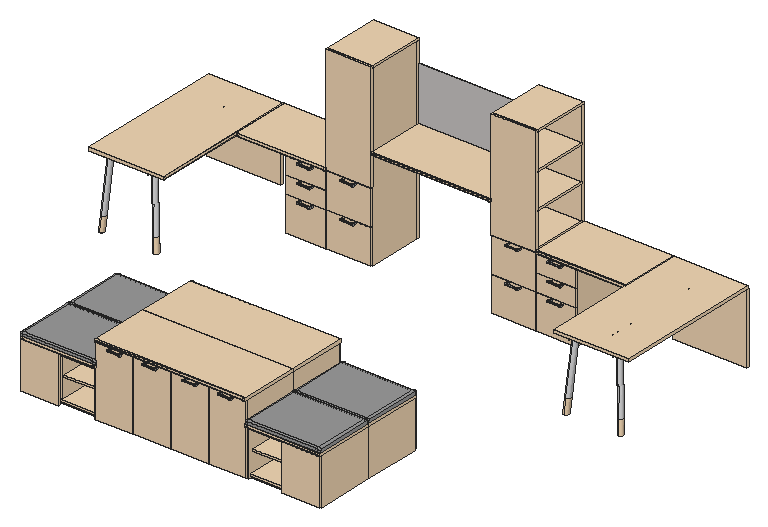
Revit family "JSI-Vision-Typical_Laminate-VST110", category Furniture, Revit 2020
Family settings
  OmniClass Number = 23.40.20.00
  OmniClass Title = General Furniture and Specialties
  Work Plane-Based = No
  Always vertical = Yes
  Cut with Voids When Loaded = No
  Shared = No
  Room Calculation Point = No
Parameters (values of type "VST110")
  URL = "www.jsifurniture.com"
  Type Comments = "Typical Laminate"  # constant formula
  Model = "VST110"
  Manufacturer = "JSI"  # constant formula
  Keynote = "12500"
  Default Elevation = 0"
  Assembly Code = "E2020200"
Reference planes (in)
  plane 1 "Center Front/Back": y = 0
  plane 2: z = 0
  plane 3 "Center Left/Right": x = 0
Dimensions and locks (in)
  aligned and locked: level to plane 2
Nested families (in)
  nested 1: "JSI-Vision-Bench_Height_Cushion" at (138, -130.31703, 0.4315), type "VSB2430CUSH, 24d Bench H Cushion, 30 W"
    with Width 30"
  nested 2: "JSI-Vision-Tackboard_Wall_Mount_Overhead" at (83.1862, -0.125, 7.4375), type "VSB4822WT, Tackboard for Wall Mount OH"
    with Width 47 3/4", Height 21 1/2"
  nested 3: "JSI-Vision-Support_End_with_Metal_Braces" at (216.1875, -0.125, 0) x (0, -1, 0) z (0, 0, 1), type "VST1030ASP, Vision Support End with Metal Braces 28"H, 30"W"
  nested 4: "JSI-Vision-Modular_Box_Box_File_Pedestal" at (49.754, 0, 0), type "VST1624MBBF, Laminate Modular BBF Ped"
    with Ped Width 15.996", Ped Height 27.996", Ped Depth 24"
  nested 5: "JSI-Vision-File_File_Storage_Cabinet_Side_Access" at (132, 0, 0), type "VST2418-72FFSSTL, Laminate 72" H FF Strg Cab Side Accs 24" x 18""
    with Side Distance 0", Shelve Distance 18", Height 72", FFSSTR no, Bottom Shelve Level 29.496", Adjustable Shelves Array Distance 14.06383", Actual Height 71 11/16", # of Adjustable Shelves 3
  nested 6: "JSI-Vision-File_File_Storage_Cabinet_Side_Access" at (66, 0, 0), type "VST2418-72FFSSTR, Laminate 72" H FF Strg Cab Side Accs 24" x 18""
    with Height 72", Bottom Shelve Level 29.496", Adjustable Shelves Array Distance 14.06383", Actual Height 71 11/16", # of Adjustable Shelves 3
  nested 7: "JSI-Vision-Credenza_Top" at (84, -0.125, 40), type "VST2448MCT, Laminate Credenza Top, 24" x 48""
    with Height 0", Width 48", Depth 24"
  nested 8: "JSI-Vision-Credenza_Top" at (78, -130.31703, 28), type "VST2460MCT, Laminate Credenza Top, 24" x 60""
    with Height 0", Width 60", Depth 24"
  nested 9: "JSI-Vision-Modular_Door_Pedestal" at (77.875, -130.12953, 0), type "VST3024MSC, Laminate Modular Door Ped"
    with Depth 24"
  nested 10: "JSI-Vision-Rectangle_Desk_Top" at (216, -0.125, -2) x (0, -1, 0) z (0, 0, 1), type "VST3060MCT, Laminate Rectangular Desk Top, 30" x 60""
    with Width 60"
  nested 11: "JSI-Vision-Sliding_Door_Modular_Bench_Pedestal" at (48, -130.31703, 0), type "VSTB2430MSD, Laminate Sld Door Modular Bench H Ped"
    with Height 18.744", Depth 24"
  nested 12: "JSI-Vision-Modular_Box_Box_File_Pedestal" at (166.246, 0, 0) x (-1, 0, 0) z (0, 0, 1), type "VST1624MBBF, Laminate Modular BBF Ped"
    with Ped Width 15.996", Ped Height 27.996", Ped Depth 24"
  nested 13: "JSI-Vision-Modular_Door_Pedestal" at (108.125, -130.12953, 0), type "VST3024MSC, Laminate Modular Door Ped"
    with Depth 24"
  nested 14: "JSI-Vision-Modular_Door_Pedestal" at (77.875, -130.50453, 0), type "VST3024MSC, Laminate Modular Door Ped"
    with Depth 24"
  nested 15: "JSI-Vision-Modular_Door_Pedestal" at (108.125, -130.50453, 0), type "VST3024MSC, Laminate Modular Door Ped"
    with Depth 24"
  nested 16: "JSI-Vision-Sliding_Door_Modular_Bench_Pedestal" at (48, -130.31703, 0), type "VSTB2430MSD, Laminate Sld Door Modular Bench H Ped"
    with Height 18.744", Depth 24"
  nested 17: "JSI-Vision-Sliding_Door_Modular_Bench_Pedestal" at (168, -130.31703, 0) x (-1, 0, 0) z (0, 0, 1), type "VSTB2430MSD, Laminate Sld Door Modular Bench H Ped"
    with Height 18.744", Depth 24"
  nested 18: "JSI-Vision-Sliding_Door_Modular_Bench_Pedestal" at (168, -130.31703, 0) x (-1, 0, 0) z (0, 0, 1), type "VSTB2430MSD, Laminate Sld Door Modular Bench H Ped"
    with Height 18.744", Depth 24"
  nested 19: "JSI-Vision-Bench_Height_Cushion" at (138, -130.31703, 0.4315), type "VSB2430CUSH, 24d Bench H Cushion, 30 W"
    with Width 30"
  nested 20: "JSI-Vision-Bench_Height_Cushion" at (78, -130.31703, 0.4315) x (-1, 0, 0) z (0, 0, 1), type "VSB2430CUSH, 24d Bench H Cushion, 30 W"
    with Width 30"
  nested 21: "JSI-Vision-Bench_Height_Cushion" at (78, -130.31703, 0.4315) x (-1, 0, 0) z (0, 0, 1), type "VSB2430CUSH, 24d Bench H Cushion, 30 W"
    with Width 30"
  nested 22: "JSI-Vision-Credenza_Top" at (78, -130.31703, 28), type "VST2460MCT, Laminate Credenza Top, 24" x 60""
    with Height 0", Width 60", Depth 24"
  nested 23: "JSI-Vision_Modular_Bridge_Top" at (186.06413, -10.875, -0.8165), type "VST3624MCT, Laminate 36 x 24 Modular Return/ Bridge Top"
    with Depth 24"
  nested 24: "JSI-Vision_Modular_Bridge_Top" at (29.93587, -10.875, -0.8165) x (-1, 0, 0) z (0, 0, 1), type "VST3624MCT, Laminate 36 x 24 Modular Return/ Bridge Top"
    with Depth 24"
  nested 25: "JSI-Vision-Support_End_with_Metal_Braces" at (-0.1875, -0.125, 0) x (0, -1, 0) z (0, 0, 1), type "VST1030ASP, Vision Support End with Metal Braces 28"H, 30"W"
  nested 26: "JSI-Vision-Rectangle_Desk_Top" at (0, -0.125, -2) x (0, -1, 0) z (0, 0, 1), type "VST3060MCT, Laminate Rectangular Desk Top, 30" x 60""
    with Width 60"
  nested 27: "JSI-Vision-Bench_Height_Modular_Top" at (48.00381, -130.31703, -0.756), type "VSTB2430MT, Laminate Mod Bench H Top, 24" x 30""
    with Width 30", Depth 24"
  nested 28: "JSI-Vision-Bench_Height_Modular_Top" at (48.00381, -130.31703, -0.756), type "VSTB2430MT, Laminate Mod Bench H Top, 24" x 30""
    with Width 30", Depth 24"
  nested 29: "JSI-Vision-Bench_Height_Modular_Top" at (168, -130.31703, -0.756) x (-1, 0, 0) z (0, 0, 1), type "VSTB2430MT, Laminate Mod Bench H Top, 24" x 30""
    with Width 30", Depth 24"
  nested 30: "JSI-Vision-Bench_Height_Modular_Top" at (168, -130.31703, -0.756) x (-1, 0, 0) z (0, 0, 1), type "VSTB2430MT, Laminate Mod Bench H Top, 24" x 30""
    with Width 30", Depth 24"
  nested 31: "JSI-Vision-Wood_Dowel_Base" at (15, -58.76571, -0.3165) x (0, -1, 0) z (0, 0, 1), type "VST0228MKL2, Wood Dowel Base 28"H"
  nested 32: "JSI-Vision-Wood_Dowel_Base" at (201, -58.76571, -0.3125) x (0, -1, 0) z (0, 0, 1), type "VST0228MKL2, Wood Dowel Base 28"H"
  nested 33: "JSI-Vision-L_Bracket" at (132, -0.65054, 26.93373) x (0, -1, 0) z (0, 0, 1), type "VSB-LBRKT-24, Matter Black L-Bracket 21"w"
  nested 34: "JSI-Vision-L_Bracket" at (84, -0.65054, 26.93373) x (0, -1, 0) z (0, 0, 1), type "VSB-LBRKT-24, Matter Black L-Bracket 21"w"
  nested 35: "JSI-Vision-Support_Rail_Work_Surface" at (16, -10.625, 0.18778) x (0, -1, 0) z (0, 0, 1), type "GP0243SB, Metal Support Rail for Work Surface  2W 43 L 3/4H"
  nested 36: "JSI-Vision-Support_Rail_Work_Surface" at (200, -10.625, 0.18778) x (0, -1, 0) z (0, 0, 1), type "GP0243SB, Metal Support Rail for Work Surface  2W 43 L 3/4H"
Definition of nested family "JSI-Vision-Bench_Height_Cushion"
  Parameters (values of type "Type Catalog")
    Width = 36"
    URL = "www.jsifurniture.com"
    Type Comments = ""
    Series = "Vision Casegoods"  # constant formula
    Model = "Type Catalog"
    Material = ""
    Manufacturer = "JSI"  # constant formula
    Keynote = "12500"
    JSI Enviromental Website = "http://www.jsifurniture.com/jsi_sustainability_intro.php"
    Height = 1 1/2"
    Description = "Type Catalog"
    Depth = 24"
    Default Elevation = 0"
    Cushion Finish = none
    Bench Height = 19 1/2"
    Assembly Code = "E2020200"
  Reference planes (in)
    plane 1 "Center Front/Back": y = 0
    plane 2: z = 0
    plane 3 "Center Left/Right": x = 0
    plane 4: z = 0
    plane 5: z = 19.5
    plane 6: z = 21
    plane 7: z = 20.625
    plane 8: x = 36
    plane 9: y = -24
  Forms (in)
    Sweep 1, solid, material <- "Cushion Finish"
      path origin (7.5, 51.481, 49.125) x (0, 1, 0) y (0, 0, 1)
        loop
          line (-51.481, -29.625) -> (-51.481, -28.5625)
          arc (-51.481, -28.5625) -> (-51.60914, -28.25314) -> (-51.9185, -28.125) r 0.4375
          line (-51.9185, -28.125) -> (-75.0435, -28.125)
          arc (-75.0435, -28.125) -> (-75.35286, -28.25314) -> (-75.481, -28.5625) r 0.4375
          line (-75.481, -28.5625) -> (-75.481, -29.625)
      profile origin (7.5, -12, 21) x (0, 0, -1) y (1, 0, 0)
        loop
          line (0.375, -7.5) -> (0.375, 28.5)
          spline (0.375, 28.5) -> (0.32605, 28.49144) -> (0.27794, 28.46593) -> (0.23149, 28.42388) -> (0.1875, 28.36603) -> (0.14671, 28.29335) -> (0.10983, 28.20711) -> (0.07749, 28.10876) -> (0.05024, 28) -> (0.02855, 27.88268) -> (0.01278, 27.75882) -> (0.00321, 27.63053) -> (0, 27.5)
          line (0, 27.5) -> (0, -6.5)
          spline (0, -6.5) -> (0.00321, -6.63053) -> (0.01278, -6.75882) -> (0.02855, -6.88268) -> (0.05024, -7) -> (0.07749, -7.10876) -> (0.10983, -7.20711) -> (0.14671, -7.29335) -> (0.1875, -7.36603) -> (0.23149, -7.42388) -> (0.27794, -7.46593) -> (0.32605, -7.49144) -> (0.375, -7.5)
    Extrusion 2, solid, material <- "Cushion Finish"
      sketch origin (7.5, 51.481, 49.125) x (0, 1, 0) y (0, 0, 1)
        loop
          line (-51.856, -29.625) -> (-51.856, -28.5625)
          arc (-51.856, -28.5625) -> (-51.87431, -28.51831) -> (-51.9185, -28.5) r 0.0625
          line (-51.9185, -28.5) -> (-75.0435, -28.5)
          arc (-75.0435, -28.5) -> (-75.0877, -28.51831) -> (-75.106, -28.5625) r 0.0625
          line (-75.106, -28.5625) -> (-75.106, -29.625) -> (-51.856, -29.625)
      from -7.5 to 28.5
  Lines and regions (in)
    symbolic lines
      curve 1: line (36, -0.375, 0) -> (36, -23.625, 0)
      curve 2: line (35, -24, 0) -> (1, -24, 0)
      curve 3: spline (0, -23.625, 0) -> (0.00856, -23.67395, 0) -> (0.03407, -23.72206, 0) -> (0.07612, -23.76851, 0) -> (0.13397, -23.8125, 0) -> (0.20665, -23.85329, 0) -> (0.29289, -23.89017, 0) -> (0.39124, -23.92251, 0) -> (0.5, -23.94976, 0) -> (0.61732, -23.97145, 0) -> (0.74118, -23.98722, 0) -> (0.86947, -23.99679, 0) -> (1, -24, 0)
      curve 4: spline (36, -23.625, 0) -> (35.99144, -23.67395, 0) -> (35.96593, -23.72206, 0) -> (35.92388, -23.76851, 0) -> (35.86603, -23.8125, 0) -> (35.79335, -23.85329, 0) -> (35.70711, -23.89017, 0) -> (35.60876, -23.92251, 0) -> (35.5, -23.94976, 0) -> (35.38268, -23.97145, 0) -> (35.25882, -23.98722, 0) -> (35.13053, -23.99679, 0) -> (35, -24, 0)
      curve 5: line (1, 0, 0) -> (35, 0, 0)
      curve 6: spline (36, -0.375, 0) -> (35.99144, -0.32605, 0) -> (35.96593, -0.27794, 0) -> (35.92388, -0.23149, 0) -> (35.86603, -0.1875, 0) -> (35.79335, -0.14671, 0) -> (35.70711, -0.10983, 0) -> (35.60876, -0.07749, 0) -> (35.5, -0.05024, 0) -> (35.38268, -0.02855, 0) -> (35.25882, -0.01278, 0) -> (35.13053, -0.00321, 0) -> (35, 0, 0)
      curve 7: spline (0, -0.375, 0) -> (0.00856, -0.32605, 0) -> (0.03407, -0.27794, 0) -> (0.07612, -0.23149, 0) -> (0.13397, -0.1875, 0) -> (0.20665, -0.14671, 0) -> (0.29289, -0.10983, 0) -> (0.39124, -0.07749, 0) -> (0.5, -0.05024, 0) -> (0.61732, -0.02855, 0) -> (0.74118, -0.01278, 0) -> (0.86947, -0.00321, 0) -> (1, 0, 0)
      curve 8: line (0, -0.375, 0) -> (0, -23.625, 0)
  Dimensions and locks (in)
    "Height": plane 6 to plane 5
    locked: plane 7 to plane 5 at 1.125
    "Bench Height": plane 5 to level
    "Width": plane 3 "Center Left/Right" to plane 8
    "Depth": plane 1 "Center Front/Back" to plane 9
    locked: Sweep 1 sketch curve to plane 3 "Center Left/Right" at 1
    locked: Sweep 1 sketch curve to plane 8 at 1
    aligned and locked: level to plane 2
    aligned and locked: level to plane 4
    aligned and locked: Sweep 1 to plane 5
    aligned and locked: Extrusion 2 to Sweep 1  (x3)
    aligned and locked: Extrusion 2 to plane 3 "Center Left/Right"
    aligned and locked: Extrusion 2 to plane 8
    aligned and locked: plane 1 "Center Front/Back" to Sweep 1 sketch curve
    aligned and locked: plane 9 to Sweep 1 sketch curve
    aligned and locked: Sweep 1 sketch curve to plane 6
  Automatic sketch dimensions
    Sweep 1 sketch curve to plane 5 = 0"  (x2)
    Sweep 1 sketch curve to plane 7 = 1/16"
    plane 1 "Center Front/Back" to Sweep 1 sketch curve = 7/16"
    Sweep 1 sketch curve to profile plane = 0"
    Sweep 1 sketch curve to profile plane = 3/8"
    Sweep 1 sketch curve to Sweep 1 sketch curve = 1"  (x2)
    Extrusion 2 sketch curve to plane 5 = 0"
    Extrusion 2 sketch curve to plane 7 = 0"
    plane 9 to Extrusion 2 sketch curve = 3/8"
    Extrusion 2 sketch curve to plane 7 = 1/16"
    plane 1 "Center Front/Back" to Extrusion 2 sketch curve = 7/16"
    plane 1 "Center Front/Back" to Extrusion 2 sketch curve = 3/8"
    curve 3 to plane 3 "Center Left/Right" = 0"
    curve 3 to plane 9 = 0"
    plane 1 "Center Front/Back" to curve 7 = 0"
    curve 4 to plane 8 = 0"
    plane 3 "Center Left/Right" to curve 2 = 1"
    plane 3 "Center Left/Right" to curve 5 = 1"
    plane 8 to curve 5 = 1"
    plane 8 to curve 2 = 1"
    plane 9 to curve 1 = 3/8"
    plane 1 "Center Front/Back" to curve 1 = 3/8"
    plane 9 to curve 3 = 3/8"
    plane 1 "Center Front/Back" to curve 8 = 3/8"
Definition of nested family "JSI-Vision-Tackboard_Wall_Mount_Overhead"
  Parameters (values of type "Tackboard for Wall Mount OH - Type Catalog Family")
    Tackboard = none
    Width = 28 1/8"
    URL = "www.jsifurniture.com"
    Type Comments = ""
    Series = "Vision Casegoods"  # constant formula
    Model = "Type Catalog"
    Material = ""
    Manufacturer = "JSI"  # constant formula
    Keynote = "12500"  # constant formula
    JSI Enviromental Website = "http://www.jsifurniture.com/jsi_sustainability_intro.php"
    Height = 21 1/4"
    Description = "Type Catalog"
    Depth = 3/8"
    Default Elevation = 0"
    Assembly Code = "E2020200"
  Reference planes (in)
    plane 1 "Center Front/Back": y = 0
    plane 2: z = 0
    plane 3 "Center Left/Right": x = 0
    plane 4: z = 0
    plane 5: x = 0.9375
    plane 6: x = 29.0625
    plane 7: z = 33.75
    plane 8: x = 30
    plane 9: z = 55
    plane 10: y = -0.375
  Forms (in)
    Extrusion 1, solid, material <- "Tackboard"
      sketch origin (0, 1.5625, 0) x (1, 0, 0) y (0, 1, 0)
        loop
          line (0.9375, -1.5625) -> (0.9375, -1.9375) -> (29.0625, -1.9375) -> (29.0625, -1.5625) -> (0.9375, -1.5625)
      from 33.75 to 55
  Lines and regions (in)
    symbolic lines
      curve 1: line (0.9375, 0, 0) -> (29.0625, 0, 0)
      curve 2: line (0.9375, -0.375, 0) -> (0.9375, 0, 0)
      curve 3: line (29.0625, -0.375, 0) -> (0.9375, -0.375, 0)
      curve 4: line (29.0625, 0, 0) -> (29.0625, -0.375, 0)
  Dimensions and locks (in)
    "Width": plane 5 to plane 6
    plane 7 to level = 33 3/4"
    "Height": plane 9 to plane 7
    locked: plane 3 "Center Left/Right" to plane 5 at 0.9375
    locked: plane 6 to plane 8 at 0.9375
    aligned and locked: level to plane 2
    aligned and locked: Extrusion 1 to plane 5  (x2)
    aligned and locked: plane 6 to Extrusion 1  (x2)
    aligned and locked: Extrusion 1 to plane 7
    aligned and locked: plane 9 to Extrusion 1
    aligned and locked: curve 1 to Extrusion 1
    aligned and locked: curve 2 to Extrusion 1
    aligned and locked: curve 3 to Extrusion 1
    aligned and locked: curve 4 to Extrusion 1
    aligned and locked: Extrusion 1 to plane 1 "Center Front/Back"
  Automatic sketch dimensions
    Extrusion 1 sketch curve to plane 5 = 0"
    Extrusion 1 sketch curve to plane 6 = 0"
    Extrusion 1 sketch curve to plane 10 = 0"
    Extrusion 1 sketch curve to Extrusion 1 sketch curve = 3/8"
Definition of nested family "JSI-Vision-Support_End_with_Metal_Braces"
  Parameters (values of type "VST1030ASP, Vision Support End with Metal Braces 28"H, 30"W")
    Width = 30"
    URL = "www.jsifurniture.com"
    Type Comments = ""
    Support Wood Finish = none
    Support Finish = none
    Series = "Vision Casegoods"  # constant formula
    Model = "VST1030ASP"
    Material = ""
    Manufacturer = "JSI"  # constant formula
    Keynote = "12500"  # constant formula
    JSI Enviromental Website = "http://www.jsifurniture.com/jsi_sustainability_intro.php"
    Height = 28"
    Hardware Finish = none
    Description = "Vision Support End Laminate with Metal Braces -  3/4\"D x 30\"W x 28\"H"
    Depth = 3/4"
    Default Elevation = 0"
    Assembly Code = "E2020200"
  Types (4): name | Width | Model | Description
    VST1030ASP, Vision Support End with Metal Braces 28"H, 30"W | 30" | "VST1030ASP" | "Vision Support End Laminate with Metal Braces -  3/4\"D x 30\"W x 28\"H"
    VST1036ASP, Vision Support End with Metal Braces 28"H, 36"W | 36" | "VST1036ASP" | "Vision Support End Laminate with Metal Braces -  3/4\"D x 36\"W x 28\"H"
    VSV1030ASP, Vision Support End with Metal Braces 28"H, 30"W | 30" | "VSV1030ASP" | "Vision Support End Venner with Metal Braces -  3/4\"D x 30\"W x 28\"H"
    VSV1036ASP, Vision Support End with Metal Braces 28"H, 36"W | 36" | "VSV1036ASP" | "Vision Support End Venner with Metal Braces -  3/4\"D x 36\"W x 28\"H"
  Reference planes (in)
    plane 1 "Center Front/Back": y = 0
    plane 2: z = 0
    plane 3 "Center Left/Right": x = 0
    plane 4: z = 0
    plane 5: z = 28
    plane 6: x = 0.75
    plane 7: y = -30
    plane 8: y = -15
  Forms (in)
    Extrusion 1, solid, material <- "Support Wood Finish"
      sketch origin (0, 0, 0) x (1, 0, 0) y (0, 1, 0)
        loop
          line (0, -0.1875) -> (0, -29.8125) -> (0.75, -29.8125) -> (0.75, -0.1875) -> (0, -0.1875)
      from 0 to 28
    Extrusion 2, solid, material <- "Support Finish"
      sketch origin (0, 0, 0) x (1, 0, 0) y (0, 0, 1)
        loop
          line (1.01072, 21.34172) -> (7.4271, 27.75811)
          arc (7.4271, 27.75811) -> (7.48703, 27.79815) -> (7.55772, 27.81221) r 0.18472
          line (7.55772, 27.81221) -> (10.08071, 27.81221) -> (10.08071, 28) -> (7.55916, 28)
          arc (7.55916, 28) -> (7.41566, 27.97145) -> (7.294, 27.89017) r 0.375
          line (7.294, 27.89017) -> (0.85983, 21.456)
          arc (0.85983, 21.456) -> (0.77855, 21.33434) -> (0.75, 21.19084) r 0.375
          line (0.75, 21.19084) -> (0.75, 18.669) -> (0.9375, 18.669) -> (0.9375, 21.16495)
          arc (0.9375, 21.16495) -> (0.95653, 21.26062) -> (1.01072, 21.34172) r 0.25
      from 10.5 to 11.5
    Extrusion 3, solid, material <- "Support Finish"
      sketch origin (0, -8, 0) x (1, 0, 0) y (0, 0, 1)
        loop
          line (1.01072, 21.34172) -> (7.4271, 27.75811)
          arc (7.4271, 27.75811) -> (7.48703, 27.79815) -> (7.55772, 27.81221) r 0.18472
          line (7.55772, 27.81221) -> (10.08071, 27.81221) -> (10.08071, 28) -> (7.55916, 28)
          arc (7.55916, 28) -> (7.41566, 27.97145) -> (7.294, 27.89017) r 0.375
          line (7.294, 27.89017) -> (0.85983, 21.456)
          arc (0.85983, 21.456) -> (0.77855, 21.33434) -> (0.75, 21.19084) r 0.375
          line (0.75, 21.19084) -> (0.75, 18.669) -> (0.9375, 18.669) -> (0.9375, 21.16495)
          arc (0.9375, 21.16495) -> (0.95653, 21.26062) -> (1.01072, 21.34172) r 0.25
      from 10.5 to 11.5
    Extrusion 4, solid, material <- "Hardware Finish"
      sketch origin (0, 0, 0) x (1, 0, 0) y (0, 0, 1)
        loop
          line (0.75, 28) -> (0.75, 26.9375) -> (0.8125, 26.9375) -> (0.8125, 27.9375) -> (1.8125, 27.9375) -> (1.8125, 28) -> (0.75, 28)
      from 1.6875 to 3.6875
    Extrusion 5, solid, material <- "Hardware Finish"
      sketch origin (0, -8.75, 0) x (1, 0, 0) y (0, 0, 1)
        loop
          line (0.75, 28) -> (0.75, 26.9375) -> (0.8125, 26.9375) -> (0.8125, 27.9375) -> (1.8125, 27.9375) -> (1.8125, 28) -> (0.75, 28)
      from -1.3125 to 0.6875
    Extrusion 6, solid, material <- "Hardware Finish"
      sketch origin (0, -21.875, 0) x (1, 0, 0) y (0, 0, 1)
        loop
          line (0.75, 28) -> (0.75, 26.9375) -> (0.8125, 26.9375) -> (0.8125, 27.9375) -> (1.8125, 27.9375) -> (1.8125, 28) -> (0.75, 28)
      from -1.3125 to 0.6875
    Extrusion 7, solid, material <- "Hardware Finish"
      sketch origin (0, -30.625, 0) x (1, 0, 0) y (0, 0, 1)
        loop
          line (0.75, 28) -> (0.75, 26.9375) -> (0.8125, 26.9375) -> (0.8125, 27.9375) -> (1.8125, 27.9375) -> (1.8125, 28) -> (0.75, 28)
      from -4.3125 to -2.3125
  Lines and regions (in)
    symbolic lines
      curve 1: line (0, -0.1875, 0) -> (0.75, -0.1875, 0)
      curve 2: line (0, -29.8125, 0) -> (0, -0.1875, 0)
      curve 3: line (0.75, -29.8125, 0) -> (0, -29.8125, 0)
      curve 4: line (0.75, -0.1875, 0) -> (0.75, -29.8125, 0)
      curve 5: line (0.75, -1.83336, 0) -> (1.30712, -1.83336, 0)
      curve 6: line (1.30712, -1.83336, 0) -> (1.30712, -3.4108, 0)
      curve 7: line (1.30712, -3.4108, 0) -> (0.75, -3.4108, 0)
      curve 8: line (0.75, -26.5892, 0) -> (1.30712, -26.5892, 0)
      curve 9: line (1.30712, -26.5892, 0) -> (1.30712, -28.16665, 0)
      curve 10: line (1.30712, -28.16665, 0) -> (0.75, -28.16665, 0)
  Dimensions and locks (in)
    "Depth": plane 3 "Center Left/Right" to plane 6
    "Width": plane 1 "Center Front/Back" to plane 7
    locked: Extrusion 1 sketch curve to plane 1 "Center Front/Back" at 0.1875
    locked: Extrusion 1 sketch curve to plane 7 at 0.1875
    equal spacing: plane 7, plane 8, plane 1 "Center Front/Back"
    plane 5 to Extrusion 2 sketch curve to Extrusion 2 sketch curve to Extrusion 2 sketch curve to Extrusion 2 sketch curve to Extrusion 2 sketch curve = 0.18779" locked, 0.18472" locked, 6.43665" locked, 0.02589" locked, 2.49595" locked
    Extrusion 2 sketch curve to Extrusion 2 sketch curve to Extrusion 2 sketch curve to Extrusion 2 sketch curve to Extrusion 2 sketch curve to plane 6 = 2.52299" locked, 6.37022" locked, 1/16" locked, 3/16" locked, 3/16" locked
    Extrusion 3 sketch curve to Extrusion 3 sketch curve to Extrusion 3 sketch curve to Extrusion 3 sketch curve to Extrusion 3 sketch curve = 0.18472" locked, 6.43665" locked, 0.02589" locked, 2.49595" locked
    Extrusion 3 sketch curve to Extrusion 3 sketch curve to Extrusion 3 sketch curve to Extrusion 3 sketch curve to Extrusion 3 sketch curve = 2.52299" locked, 6.37022" locked, 1/16" locked, 3/16" locked
    Extrusion 2 to Extrusion 2 to plane 8 to Extrusion 3 to Extrusion 3 = 1" locked, 3 1/2" locked, 3 1/2" locked, 1" locked
    plane 5 to Extrusion 4 sketch curve to Extrusion 4 sketch curve = 1/16" locked, 1" locked
    plane 6 to Extrusion 4 sketch curve to Extrusion 4 sketch curve = 1/16" locked, 1" locked
    locked: Extrusion 5 sketch curve to Extrusion 5 sketch curve at 1  (x2)
    locked: Extrusion 6 sketch curve to Extrusion 6 sketch curve at 1  (x2)
    locked: Extrusion 7 sketch curve to Extrusion 7 sketch curve at 1  (x2)
    Extrusion 5 to Extrusion 5 to Extrusion 2 to Extrusion 2 to plane 8 to Extrusion 3 to Extrusion 3 to Extrusion 6 to Extrusion 6 = 2" locked, 1 1/16" locked, 1" locked, 3 1/2" locked, 3 1/2" locked, 1" locked, 1 1/16" locked, 2" locked
    plane 1 "Center Front/Back" to Extrusion 4 to Extrusion 4 = 1 11/16" locked, 2" locked
    Extrusion 7 to Extrusion 7 to plane 7 = 2" locked, 1 11/16" locked
    "Height": plane 5 to plane 4
    aligned and locked: level to plane 2
    aligned and locked: plane 3 "Center Left/Right" to Extrusion 1 sketch curve
    aligned and locked: plane 6 to Extrusion 1 sketch curve
    aligned and locked: plane 5 to Extrusion 1
    aligned and locked: curve 1 to Extrusion 1
    aligned and locked: curve 2 to Extrusion 1
    aligned and locked: curve 3 to Extrusion 1
    aligned and locked: curve 4 to Extrusion 1
    aligned and locked: Extrusion 2 sketch curve to plane 5
    aligned and locked: Extrusion 2 sketch curve to plane 6
    aligned and locked: Extrusion 4 sketch curve to plane 5
    aligned and locked: plane 6 to Extrusion 4 sketch curve
    aligned and locked: Extrusion 1 to plane 4
  Automatic sketch dimensions
    curve 7 to curve 6 = 0.55712"
    curve 8 to curve 8 = 0.55712"
    curve 3 to curve 9 = 1.64585"
    curve 9 to curve 9 = 1.57745"
    curve 6 to curve 1 = 3.2233"
    curve 6 to curve 5 = 1.57744"
    Extrusion 2 sketch curve to plane 6 = 0.10983"
    Extrusion 2 sketch curve to Extrusion 2 sketch curve = 0.15089"
    Extrusion 2 sketch curve to plane 5 = 0.10983"
    Extrusion 2 sketch curve to Extrusion 2 sketch curve = 0.26372"
    Extrusion 2 sketch curve to plane 5 = 0.24189"
    Extrusion 2 sketch curve to Extrusion 2 sketch curve = 0.00144"
    plane 6 to Extrusion 3 sketch curve = 0"
    Extrusion 3 sketch curve to plane 5 = 0"
    Extrusion 3 sketch curve to plane 6 = 0.10983"
    Extrusion 3 sketch curve to Extrusion 3 sketch curve = 3/16"
    Extrusion 3 sketch curve to Extrusion 3 sketch curve = 0.15089"
    Extrusion 3 sketch curve to plane 5 = 0.10983"
    Extrusion 3 sketch curve to Extrusion 3 sketch curve = 0.26372"
    Extrusion 3 sketch curve to plane 5 = 0.24189"
    Extrusion 3 sketch curve to Extrusion 3 sketch curve = 0.13062"
    Extrusion 3 sketch curve to Extrusion 3 sketch curve = 0.00144"
    Extrusion 5 sketch curve to plane 5 = 0"
    plane 6 to Extrusion 5 sketch curve = 0"
    Extrusion 5 sketch curve to plane 6 = 1/16"
    Extrusion 5 sketch curve to plane 5 = 1/16"
    Extrusion 6 sketch curve to plane 5 = 0"
    plane 6 to Extrusion 6 sketch curve = 0"
    Extrusion 6 sketch curve to plane 6 = 1/16"
    Extrusion 6 sketch curve to plane 5 = 1/16"
    Extrusion 7 sketch curve to plane 5 = 0"
    plane 6 to Extrusion 7 sketch curve = 0"
    Extrusion 7 sketch curve to plane 6 = 1/16"
    Extrusion 7 sketch curve to plane 5 = 1/16"
Definition of nested family "JSI-Vision-Modular_Box_Box_File_Pedestal"
  Parameters (values of type "Type Catalog")
    URL = "www.jsifurniture.com"
    Tag = "BBF"
    Series = "Vision Casegoods"  # constant formula
    Pull Finish = none
    Ped Width = 16"
    Ped Height = 28"
    Model = "Type Catalog"
    Manufacturer = "JSI"  # constant formula
    Keynote = "12500"
    JSI Enviromental website = "http://www.jsifurniture.com/jsi_sustainability_intro.php"
    Description = "Type Catalog"
    Default Elevation = 0"
    Chassis = none
    Ped Depth = 20"
    Grommet Finish = none
    Drawer Front = none
    Assembly Code = "E2020200"
  Reference planes (in)
    plane 1 "Center Front/Back": y = 0
    plane 2: z = 0
    plane 3 "Center Left/Right": x = 0
    plane 4: x = 0.125
    plane 5: x = 16.125
    plane 6: x = 16.25
    plane 7: y = -18.9795
    plane 8: y = -0.1875
    plane 9: y = -19.1095
    plane 10: x = 0.18716
    plane 11: x = 16.06243
    plane 12: y = -19.8595
    plane 13: z = 27.89082
    plane 14: z = 28
    plane 15: x = 0.875
    plane 16: x = 15.376
    plane 17: y = -0.9375
    plane 18: y = -18.23863
    plane 19: z = 27.1404
    plane 20: z = 26.5625
    plane 21: y = -3.9375
    plane 22: x = 8.125
    plane 23: y = -20
    plane 24: y = -9.80266
    plane 25: y = -14.80266
    plane 26: z = 27.1875
    plane 27: z = 21.04715
    plane 28: z = 20.92165
    plane 29: z = 20.1704
    plane 30: z = 14.0779
    plane 31: z = 13.9529
    plane 32: z = 13.2024
    plane 33: z = 0.1404
  Forms (in)
    Extrusion 1, solid, material <- "Chassis"
      sketch origin (0.125, -0.1875, 48) x (0, 1, 0) y (0, 0, 1)
        loop
          line (0, -20) -> (-2.2814, -20) -> (-18.792, -20) -> (-18.792, -48) -> (0, -48) -> (0, -20)
      from 0 to 0.75
    Extrusion 2, solid, material <- "Chassis"
      sketch origin (16.125, -0.1875, 48) x (0, 1, 0) y (0, 0, 1)
        loop
          line (0, -20) -> (-1.49541, -20) -> (-18.792, -20) -> (-18.792, -48) -> (0, -48) -> (0, -20)
      from -0.749 to 0
    Extrusion 3, solid, material <- "Drawer Front"
      sketch origin (0, 0, 0) x (1, 0, 0) y (0, 0, 1)
        loop
          line (0.18716, 27.89082) -> (0.18716, 21.04715) -> (16.06243, 21.04715) -> (16.06243, 27.89082) -> (0.18716, 27.89082)
        loop
          line (16.06243, 14.0779) -> (16.06243, 20.92165) -> (0.18716, 20.92165) -> (0.18716, 14.0779) -> (16.06243, 14.0779)
        loop
          line (0.18716, 13.9529) -> (0.18716, 0.1404) -> (16.06243, 0.1404) -> (16.06243, 13.9529) -> (0.18716, 13.9529)
      from 19.1095 to 19.8595
    Extrusion 4, solid, material <- "Chassis"
      sketch origin (0, 0, 0) x (1, 0, 0) y (0, 1, 0)
        loop
          line (0.875, -18.23863) -> (0.875, -18.9795) -> (15.376, -18.9795) -> (15.376, -18.23863) -> (0.875, -18.23863)
      from 0 to 1.9375
    Extrusion 5, solid, material <- "Chassis"
      sketch origin (0, 0, 0) x (0, 1, 0) y (0, 0, 1)
        loop
          line (-9.80266, 27.1875) -> (-9.80266, 27.89082) -> (-14.80266, 27.89082) -> (-14.80266, 27.1875) -> (-9.80266, 27.1875)
      from 0.875 to 15.376
    Extrusion 6, solid, material <- "Chassis"
      sketch origin (0, 0, 0) x (0, 1, 0) y (0, 0, 1)
        loop
          line (-0.1875, 28) -> (-0.9375, 28) -> (-0.9375, 23) -> (-0.1875, 23) -> (-0.1875, 28)
        loop
          line (-0.9375, 5) -> (-0.9375, 0) -> (-0.1875, 0) -> (-0.1875, 5) -> (-0.9375, 5)
      from 0.875 to 15.376
  Lines and regions (in)
    symbolic lines
      curve 1: line (0.125, -18.9795, 0) -> (0.125, -0.1875, 0)
      curve 2: line (16.125, -0.1875, 0) -> (16.125, -18.9795, 0)
      curve 3: line (0.18716, -19.1095, 0) -> (16.06243, -19.1095, 0)
      curve 4: line (0.18716, -19.8595, 0) -> (0.18716, -19.1095, 0)
      curve 5: line (16.06243, -19.8595, 0) -> (0.18716, -19.8595, 0)
      curve 6: line (16.06243, -19.1095, 0) -> (16.06243, -19.8595, 0)
      curve 7: line (0.875, -0.1875, 0) -> (0.875, -18.9795, 0)
      curve 8: line (0.125, -18.9795, 0) -> (0.875, -18.9795, 0)
      curve 9: line (15.376, -0.1875, 0) -> (15.376, -18.9795, 0)
      curve 10: line (15.376, -18.9795, 0) -> (16.125, -18.9795, 0)
      curve 11: line (0.125, -0.1875, 0) -> (16.125, -0.1875, 0)
      curve 12: line (0.875, -0.9375, 0) -> (15.376, -0.9375, 0)
  Dimensions and locks (in)
    plane 3 "Center Left/Right" to plane 4 = 1/8"
    locked: plane 5 to plane 6 at 0.125
    "Ped Width": plane 4 to plane 5
    locked: plane 1 "Center Front/Back" to plane 8 at 0.1875
    "Ped Height": plane 14 to level
    locked: plane 8 to plane 17 at 0.75
    plane 18 to plane 7 to plane 9 to plane 12 = 0.74087" locked, 0.13" locked, 3/4" locked
    plane 4 to plane 10 to plane 15 = 0.06216" locked, 0.68784" locked
    plane 16 to plane 11 to plane 5 = 0.68644" locked, 0.06257" locked
    locked: plane 14 to plane 20 at 1.4375
    locked: plane 1 "Center Front/Back" to plane 21 at 3.9375
    plane 3 "Center Left/Right" to plane 22 to plane 6 = 8 1/8", 8 1/8"
    "Ped Depth": plane 23 to plane 1 "Center Front/Back"
    locked: plane 12 to plane 23 at 0.1405
    plane 24 to plane 25 to plane 23 = 5" locked, 5.19734" locked
    locked: plane 14 to Extrusion 6 sketch curve at 5
    locked: Extrusion 6 sketch curve to plane 2 at 5
    plane 14 to plane 13 to plane 27 to plane 28 to plane 30 to plane 31 to plane 33 to plane 2 = 0.10918" locked, 6.84367" locked, 0.1255" locked, 6 27/32" locked, 1/8" locked, 13 13/16", 0.1404" locked
    plane 19 to plane 29 to plane 32 to plane 2 = 6.97" locked, 6.968" locked, 13.2024" locked
    aligned and locked: level to plane 2
    aligned and locked: Extrusion 1 sketch curve to plane 7
    aligned and locked: Extrusion 1 sketch curve to level
    aligned and locked: Extrusion 2 sketch curve to plane 14
    aligned and locked: level to Extrusion 2 sketch curve
    aligned and locked: plane 7 to Extrusion 2 sketch curve
    aligned and locked: Extrusion 3 sketch curve to plane 13
    aligned and locked: Extrusion 3 sketch curve to plane 10  (x2)
    aligned and locked: plane 11 to Extrusion 3 sketch curve  (x2)
    aligned and locked: Extrusion 3 to plane 12
    aligned and locked: plane 9 to Extrusion 3
    aligned and locked: Extrusion 4 sketch curve to plane 18
    aligned and locked: plane 15 to Extrusion 4 sketch curve
    aligned and locked: nested 1 to plane 12
    aligned and locked: nested 2 to plane 12
    aligned and locked: plane 19 to nested 2
    aligned and locked: plane 24 to Extrusion 5 sketch curve
    aligned and locked: Extrusion 5 sketch curve to plane 26
    aligned and locked: Extrusion 5 sketch curve to plane 25
    aligned and locked: plane 13 to Extrusion 5 sketch curve
    aligned and locked: Extrusion 5 to plane 15
    aligned and locked: plane 16 to Extrusion 5
    aligned and locked: nested 3 to plane 22
    aligned and locked: nested 3 to plane 23
    aligned and locked: nested 2 to plane 22
    aligned and locked: nested 1 to plane 22
    aligned and locked: Extrusion 3 sketch curve to Extrusion 3 sketch curve  (x2)
    aligned and locked: nested 4 to plane 22
    aligned and locked: nested 4 to plane 12
    aligned and locked: Extrusion 3 to plane 28
    aligned and locked: plane 27 to Extrusion 3
    aligned and locked: Extrusion 3 to plane 31
    aligned and locked: plane 30 to Extrusion 3
    aligned and locked: plane 8 to Extrusion 1
    aligned and locked: plane 8 to Extrusion 2
    aligned and locked: curve 7 to Extrusion 1
    aligned and locked: plane 8 to curve 9
    aligned and locked: Extrusion 2 to plane 16
    aligned and locked: plane 8 to Extrusion 6 sketch curve
    aligned and locked: Extrusion 6 sketch curve to plane 17
    aligned and locked: Extrusion 6 sketch curve to plane 2
    aligned and locked: Extrusion 6 sketch curve to plane 8
    aligned and locked: plane 17 to Extrusion 6 sketch curve
    aligned and locked: Extrusion 6 sketch curve to plane 14
    aligned and locked: Extrusion 6 to plane 15
    aligned and locked: plane 16 to Extrusion 6
    aligned and locked: plane 4 to curve 11
    aligned and locked: plane 5 to curve 11
    aligned and locked: curve 11 to plane 8
    aligned and locked: plane 15 to curve 12
    aligned and locked: plane 16 to curve 12
    aligned and locked: curve 12 to plane 17
    aligned and locked: plane 33 to Extrusion 3
  Automatic sketch dimensions
    Extrusion 3 sketch curve to plane 19 = 6 7/32"
    Extrusion 3 sketch curve to Extrusion 3 sketch curve = 0.1255"
    Extrusion 1 sketch curve to plane 14 = 0"
    Extrusion 1 sketch curve to Extrusion 1 sketch curve = 2.2814"
    Extrusion 2 sketch curve to plane 17 = 0.74541"
    Extrusion 3 sketch curve to Extrusion 3 sketch curve = 1/8"
    Extrusion 3 sketch curve to Extrusion 3 sketch curve = 6 31/32"
    level to Extrusion 3 sketch curve = 0.1404"
    plane 17 to Extrusion 1 sketch curve = 3/4"
    Extrusion 4 sketch curve to plane 7 = 0"
    Extrusion 4 sketch curve to plane 16 = 0"
    plane 17 to Extrusion 2 sketch curve = 3/4"
    curve 3 to plane 9 = 0"
    curve 3 to plane 10 = 0"
    curve 10 to plane 7 = 0"
    curve 5 to plane 11 = 0"
    curve 4 to plane 12 = 0"
    curve 1 to plane 7 = 0"
  Nested families (in)
    nested 1: "Bar Pull" at (8.125, -19.8595, 13.2024), Pull Finish <- "Pull Finish", type "PL"
      with Pull Finish none
    nested 2: "Bar Pull" at (8.125, -19.8595, 27.1404), Pull Finish <- "Pull Finish", type "PL"
      with Pull Finish none
    nested 3: "Label 1-16" at (8.125, -20, 0), type "DRWCFG"
    nested 4: "Bar Pull" at (8.125, -19.8595, 20.1704), Pull Finish <- "Pull Finish", type "PL"
      with Pull Finish none
  Definition of nested family "Bar Pull"
    Parameters
      Pull Finish [instance] = none
      Default Elevation = 0"
    Reference planes (in)
      plane 1 "Center Front/Back": y = 0
      plane 2: z = 0
      plane 3 "Center Left/Right": x = 0
      plane 4: x = -2.68731
      plane 5: x = -1.88731
      plane 6: x = 2.68731
      plane 7: x = 1.88731
      plane 8: y = -1
      plane 9: y = -0.85202
    Forms (in)
      Extrusion 1, solid, material <- "Pull Finish"
        sketch origin (0, 0, 0) x (0, 1, 0) y (0, 0, 1)
          loop
            line (0, -0.2015) -> (0, 0.2015) -> (-0.85202, 0.2015)
            arc (-0.85202, 0.2015) -> (-0.75, 0) -> (-0.85202, -0.2015) r 0.25
            line (-0.85202, -0.2015) -> (0, -0.2015)
        from 1.88731 to 2.68731
      Extrusion 2, solid, material <- "Pull Finish"
        sketch origin (0, 0, 0) x (0, 1, 0) y (0, 0, 1)
          loop
            circle (-1, 0) r 0.25
        from -2.68731 to 2.68731
      Extrusion 3, solid, material <- "Pull Finish"
        sketch origin (0, 0, 0) x (0, 1, 0) y (0, 0, -1)
          loop
            line (0, 0.2015) -> (-0.85202, 0.2015)
            arc (-0.85202, 0.2015) -> (-0.75, 0) -> (-0.85202, -0.2015) r 0.25
            line (-0.85202, -0.2015) -> (0, -0.2015) -> (0, 0.2015)
        from 1.88731 to 2.68731
    Dimensions and locks (in)
      plane 4 to plane 5 to plane 3 "Center Left/Right" to plane 7 to plane 6 = 0.8" locked, 1.88731" locked, 1.88731" locked, 0.8" locked
      plane 8 to plane 9 to plane 1 "Center Front/Back" = 0.14798" locked, 0.85202" locked
      aligned and locked: level to plane 2
      aligned and locked: plane 4 to Extrusion 3
      aligned and locked: Extrusion 3 to plane 5
      aligned and locked: plane 4 to Extrusion 2
      aligned and locked: Extrusion 1 to plane 7
      aligned and locked: plane 6 to Extrusion 1
      aligned and locked: plane 6 to Extrusion 2
      aligned and locked: plane 8 to Extrusion 2 sketch curve
      aligned and locked: Extrusion 3 to plane 1 "Center Front/Back"
      aligned and locked: Extrusion 1 to plane 1 "Center Front/Back"
      aligned and locked: plane 5 to Extrusion 3
      aligned and locked: Extrusion 3 to plane 4
      aligned and locked: Extrusion 2 to plane 4
      aligned and locked: plane 7 to Extrusion 1
      aligned and locked: Extrusion 1 to plane 6
      aligned and locked: Extrusion 2 to plane 6
  Definition of nested family "Label 1-16"
    Parameters
      Width = 1"
      Model Name = "2 Drw - 2 Drs"
    Reference planes (in)
      plane 1: y = 0
      plane 2: x = 0
    Text (in)
      label "XX" at (0.00051, -0.12324, 0), shows "Model Name"
Definition of nested family "JSI-Vision-File_File_Storage_Cabinet_Side_Access"
  Parameters (values of type "Type Catalog")
    Side Distance = if(FFSSTR, (Width - 3/4"), 0")  # 17 1/4"
    Top = none
    Width = 18"
    Unit Centre = Width / 2  # 9"
    URL = "www.jsifurniture.com"
    Type Comments = ""
    Tag = "3 Shelves R/ FF"
    Shelve Width = Width - 3/4"  # 17 1/4"
    Shelve Distance = if(FFSSTR, (Width - 3/4"), Width)  # 17 1/4"
    Shelve Depth = Depth - 1 7/8"  # 22 1/8"
    Series = "Vision Casegoods"  # constant formula
    Pull Finish = none
    Model = "Type Catalog"
    Material = ""
    Manufacturer = "JSI"  # constant formula
    Keynote = "12500"
    JSI Enviromental Website = "http://www.jsifurniture.com/jsi_sustainability_intro.php"
    Height = 84"
    FFSSTR = yes
    Drawer Front = none
    Description = "Type Catalog"
    Depth = 24"
    Default Elevation = 0"
    Chassis = none
    Bottom Shelve Level = 29 1/2"
    Assembly Code = "E2020200"
    Adjustable Shelves Array Distance = (Actual Height - Bottom Shelve Level) / (# of Adjustable Shelves)  # 13 35/64"
    Actual Height = if(Height > 54", (Height - 5/16"), (if(Height > 42", (Height + 1 1/8"), if(Height > 30", (Height - 3/8"), (Height - 13/16")))))  # 83 11/16"
    # of Adjustable Shelves = if(Height > 72", 4, (if(Height > 57", 3, 2)))  # 4
  Reference planes (in)
    plane 1 "Center Front/Back": y = 0
    plane 2: z = 0
    plane 3 "Center Left/Right": x = 0
    plane 4: z = 0
    plane 5: x = 18
    plane 6: y = -0.125
    plane 7: y = -23
    plane 8: z = 83.6875
    plane 9: y = -0.875
    plane 10: y = -22.8125
    plane 11: y = -22.0625
    plane 12: x = 0.75
    plane 13: x = 17.25
    plane 14: z = 1.1875
    plane 15: z = 1.9375
    plane 16: z = 82.9375
    plane 17: z = 83.3125
    plane 18: z = 29.5
    plane 19: z = 28.75
    plane 20: x = 0.0625
    plane 21: x = 17.9375
    plane 22: z = 0.14
    plane 23: y = -23
    plane 24: y = -23.75
    plane 25: y = -24
    plane 26: z = 83.625
    plane 27: y = -11.5625
    plane 28: z = 39.9625
    plane 29: z = 50.8
    plane 30: z = 61.6375
    plane 31: z = 72.475
    plane 32: z = 27.885
    plane 33: z = 28.25
    plane 34: z = 13.95
    plane 35: z = 14.075
    plane 36: z = 27.135
    plane 37: z = 13.2
    plane 38: x = 9
    plane 39: x = 17.25
  Forms (in)
    Extrusion 1, solid, material <- "Chassis"
      sketch origin (0, 0, 0) x (1, 0, 0) y (0, 1, 0)
        loop
          line (0, -0.125) -> (0, -0.875) -> (18, -0.875) -> (18, -0.125) -> (0, -0.125)
      from 0 to 82.9375
    Extrusion 2, solid, material <- "Chassis"
      sketch origin (0, 0, 0) x (1, 0, 0) y (0, 1, 0)
        loop
          line (0, -0.875) -> (0, -23) -> (0.75, -23) -> (0.75, -0.875) -> (0, -0.875)
      from 0 to 28.75
    Extrusion 3, solid, material <- "Chassis"
      sketch origin (0, 0, 0) x (1, 0, 0) y (0, 1, 0)
        loop
          line (17.25, -0.875) -> (17.25, -23) -> (18, -23) -> (18, -0.875) -> (17.25, -0.875)
      from 0 to 82.9375
    Extrusion 4, solid, material <- "Top"
      sketch origin (0, 0, 0) x (0, 1, 0) y (0, 0, 1)
        loop
          line (-0.125, 83.6875) -> (-23, 83.6875) -> (-23, 82.9375) -> (-0.125, 82.9375) -> (-0.125, 83.6875)
      from 0 to 18
    Extrusion 5, solid, material <- "Chassis"
      sketch origin (0, 0, 0) x (0, 1, 0) y (0, 0, 1)
        loop
          line (-0.875, 1.9375) -> (-22.0625, 1.9375) -> (-22.0625, 1.1875) -> (-0.875, 1.1875) -> (-0.875, 1.9375)
      from 0.75 to 17.25
    Extrusion 6, solid, material <- "Chassis"
      sketch origin (0, 0, 0) x (0, 1, 0) y (0, 0, 1)
        loop
          line (-22.0625, 1.9375) -> (-22.8125, 1.9375) -> (-22.8125, 0) -> (-22.0625, 0) -> (-22.0625, 1.9375)
      from 0.75 to 17.25
    Extrusion 7, solid, material <- "Chassis"
      sketch origin (-15, -0.9375, 1) x (0, 1, 0) y (0, 0, 1)
        loop
          line (0.0625, 28.5) -> (-22.0625, 28.5) -> (-22.0625, 27.75) -> (0.0625, 27.75) -> (0.0625, 28.5)
      from 15 to 32.25
    Extrusion 8, solid, material <- "Chassis"
      sketch origin (-15, -0.9375, 14.54688) x (0, 1, 0) y (0, 0, 1)
        loop
          line (0.0625, 28.5) -> (-22.0625, 28.5) -> (-22.0625, 27.75) -> (0.0625, 27.75) -> (0.0625, 28.5)
      from 15 to 32.25
    Extrusion 9, solid, material <- "Drawer Front"
      sketch origin (0, 0, 0) x (0, 1, 0) y (0, 0, 1)
        loop
          line (-23, 13.95) -> (-23.75, 13.95) -> (-23.75, 0.14) -> (-23, 0.14) -> (-23, 13.95)
      from 0.0625 to 17.9375
    Extrusion 10, solid, material <- "Drawer Front"
      sketch origin (0, 0, 0) x (0, 1, 0) y (0, 0, 1)
        loop
          line (-23, 27.885) -> (-23.75, 27.885) -> (-23.75, 14.075) -> (-23, 14.075) -> (-23, 27.885)
      from 0.0625 to 17.9375
    Extrusion 11, solid, material <- "Chassis"
      sketch origin (0, 0, 0) x (1, 0, 0) y (0, 1, 0)
        loop
          line (0, -23) -> (0, -23.75) -> (18, -23.75) -> (18, -23) -> (0, -23)
      from 28.25 to 83.6875
    Extrusion 12, solid, material <- "Chassis"
      sketch origin (-15, -0.9375, 28.09375) x (0, 1, 0) y (0, 0, 1)
        loop
          line (0.0625, 28.5) -> (-22.0625, 28.5) -> (-22.0625, 27.75) -> (0.0625, 27.75) -> (0.0625, 28.5)
      from 15 to 32.25
    Extrusion 13, solid, material <- "Chassis"
      sketch origin (-15, -0.9375, 41.64063) x (0, 1, 0) y (0, 0, 1)
        loop
          line (0.0625, 28.5) -> (-22.0625, 28.5) -> (-22.0625, 27.75) -> (0.0625, 27.75) -> (0.0625, 28.5)
      from 15 to 32.25
  Lines and regions (in)
    reference lines, not visible
      curve 1: line (0, 0, 83.6875) -> (0, 0, 0)
      curve 2: line (0.75, 0, 0) -> (0.75, 0, 83.6875)
      curve 3: line (18, 0, 83.6875) -> (18, 0, 0)
      curve 4: line (17.25, 0, 0) -> (17.25, 0, 83.6875)
    symbolic lines
      curve 5: line (18, -0.125, 0) -> (0, -0.125, 0)
      curve 6: line (0, -0.125, 0) -> (0, -23.75, 0)
      curve 7: line (18, -23.75, 0) -> (18, -0.125, 0)
      curve 8: line (0, -23.75, 0) -> (18, -23.75, 0)
  Dimensions and locks (in)
    locked: plane 6 to plane 1 "Center Front/Back" at 0.125
    plane 7 to plane 10 to plane 11 = 3/16" locked, 3/4" locked
    locked: plane 3 "Center Left/Right" to plane 12 at 0.75
    locked: plane 13 to plane 5 at 0.75
    locked: plane 15 to plane 14 at 0.75
    locked: plane 8 to plane 16 at 0.75
    locked: plane 17 to plane 16 at 0.375
    "Width": plane 3 "Center Left/Right" to plane 5
    "Actual Height": plane 8 to plane 4
    locked: plane 3 "Center Left/Right" to plane 20 at 0.0625
    locked: plane 21 to plane 5 at 0.0625
    plane 24 to plane 23 to plane 7 = 3/4" locked, 0" locked
    "Depth": plane 25 to plane 1 "Center Front/Back"
    locked: plane 25 to plane 24 at 0.25
    locked: plane 8 to plane 26 at 0.0625
    equal spacing: plane 6, plane 27, plane 7
    "Shelve Depth": Extrusion 7 sketch curve to Extrusion 7 sketch curve
    plane 17 to plane 31 to plane 30 to plane 29 to plane 28 = 10.8375", 10.8375", 10.8375", 10.8375"
    "Shelve Depth": Extrusion 8 sketch curve to Extrusion 8 sketch curve
    equal spacing: group 1, group 2, group 3, group 4  (x3)
    "Adjustable Shelves Array Distance": Extrusion 8 to Extrusion 7
    "Bottom Shelve Level": Extrusion 7 to plane 4
    "Bottom Shelve Level": plane 18 to plane 4
    locked: plane 32 to plane 36 at 0.75
    locked: plane 34 to plane 37 at 0.75
    "Shelve Width": Extrusion 7 to Extrusion 7
    "Unit Centre": plane 3 "Center Left/Right" to plane 38
    "Shelve Width": Extrusion 8 to Extrusion 8
    locked: plane 18 to plane 19 at 0.75
    locked: plane 19 to plane 33 at 0.5
    locked: curve 1 to curve 2 at 0.75
    locked: curve 3 to curve 4 at 0.75
    "Side Distance": curve 4 to plane 3 "Center Left/Right"
    "Side Distance": plane 5 to curve 2
    "Shelve Distance": plane 39 to plane 3 "Center Left/Right"
    "Shelve Depth": Extrusion 12 sketch curve to Extrusion 12 sketch curve
    "Shelve Width": Extrusion 12 to Extrusion 12
    "Shelve Depth": Extrusion 13 sketch curve to Extrusion 13 sketch curve
    "Shelve Width": Extrusion 13 to Extrusion 13
    plane 32 to plane 35 to plane 34 to plane 22 to plane 4 = 13.81" locked, 1/8" locked, 13.81" locked, 0.14"
    aligned and locked: level to plane 2
    aligned and locked: plane 6 to Extrusion 1 sketch curve
    aligned and locked: Extrusion 1 sketch curve to plane 9
    aligned and locked: Extrusion 1 sketch curve to plane 5
    aligned and locked: plane 3 "Center Left/Right" to Extrusion 1 sketch curve
    aligned and locked: Extrusion 1 to plane 4
    aligned and locked: plane 16 to Extrusion 1
    aligned and locked: Extrusion 2 sketch curve to plane 7
    aligned and locked: plane 9 to Extrusion 2 sketch curve
    aligned and locked: Extrusion 3 sketch curve to plane 7
    aligned and locked: plane 9 to Extrusion 3 sketch curve
    aligned and locked: plane 16 to Extrusion 4 sketch curve
    aligned and locked: Extrusion 4 sketch curve to plane 8
    aligned and locked: plane 6 to Extrusion 4 sketch curve
    aligned and locked: Extrusion 4 sketch curve to plane 7
    aligned and locked: Extrusion 4 to plane 3 "Center Left/Right"
    aligned and locked: plane 5 to Extrusion 4
    aligned and locked: Extrusion 5 sketch curve to plane 11
    aligned and locked: plane 14 to Extrusion 5 sketch curve
    aligned and locked: Extrusion 5 sketch curve to plane 15
    aligned and locked: plane 9 to Extrusion 5 sketch curve
    aligned and locked: Extrusion 5 to plane 12
    aligned and locked: plane 13 to Extrusion 5
    aligned and locked: plane 11 to Extrusion 6 sketch curve
    aligned and locked: Extrusion 6 sketch curve to plane 10
    aligned and locked: plane 4 to Extrusion 6 sketch curve
    aligned and locked: Extrusion 6 sketch curve to plane 15
    aligned and locked: Extrusion 6 to plane 12
    aligned and locked: plane 13 to Extrusion 6
    aligned and locked: level to plane 4
    aligned and locked: plane 24 to nested 1
    aligned and locked: plane 23 to Extrusion 9 sketch curve
    aligned and locked: Extrusion 9 sketch curve to plane 24
    aligned and locked: plane 22 to Extrusion 9 sketch curve
    aligned and locked: Extrusion 9 sketch curve to plane 34
    aligned and locked: Extrusion 10 sketch curve to plane 24
    aligned and locked: plane 23 to Extrusion 10 sketch curve
    aligned and locked: Extrusion 10 sketch curve to plane 32
    aligned and locked: plane 35 to Extrusion 10 sketch curve
    aligned and locked: plane 37 to nested 2
    aligned and locked: plane 24 to nested 2
    aligned and locked: plane 36 to nested 3
    aligned and locked: plane 24 to nested 3
    aligned and locked: Extrusion 7 to plane 9
    aligned and locked: Extrusion 8 to plane 9
    aligned and locked: Extrusion 10 to plane 20
    aligned and locked: Extrusion 9 to plane 20
    aligned and locked: plane 21 to Extrusion 10
    aligned and locked: plane 21 to Extrusion 9
    aligned and locked: plane 38 to nested 1
    aligned and locked: plane 38 to nested 3
    aligned and locked: plane 38 to nested 2
    aligned and locked: Extrusion 2 to plane 4
    aligned and locked: Extrusion 2 to curve 2
    aligned and locked: curve 1 to Extrusion 2
    aligned and locked: plane 19 to Extrusion 2
    aligned and locked: Extrusion 3 to plane 4
    aligned and locked: Extrusion 3 to curve 3
    aligned and locked: Extrusion 3 to curve 4
    aligned and locked: plane 16 to Extrusion 3
    aligned and locked: plane 39 to Extrusion 7
    aligned and locked: plane 39 to Extrusion 8
    aligned and locked: plane 23 to Extrusion 11 sketch curve
    aligned and locked: Extrusion 11 sketch curve to plane 24
    aligned and locked: Extrusion 11 sketch curve to plane 5
    aligned and locked: plane 3 "Center Left/Right" to Extrusion 11 sketch curve
    aligned and locked: plane 8 to Extrusion 11
    aligned and locked: Extrusion 11 to plane 33
    aligned and locked: curve 5 to Extrusion 4
    aligned and locked: curve 6 to Extrusion 4
    aligned and locked: curve 7 to Extrusion 4
    aligned and locked: Extrusion 11 to curve 8
  Automatic sketch dimensions
    Extrusion 7 sketch curve to Extrusion 7 sketch curve = 3/4"
    Extrusion 8 sketch curve to Extrusion 8 sketch curve = 3/4"
    plane 12 to Extrusion 2 sketch curve = 0"
    plane 3 "Center Left/Right" to Extrusion 2 sketch curve = 0"
    Extrusion 3 sketch curve to plane 5 = 0"
    Extrusion 3 sketch curve to plane 13 = 0"
    curve 1 to level = 0"
    curve 2 to level = 0"
    curve 3 to level = 0"
    curve 4 to level = 0"
    curve 3 to plane 8 = 0"
    curve 2 to plane 8 = 0"
    curve 4 to plane 8 = 0"
    curve 1 to plane 8 = 0"
    Extrusion 12 sketch curve to Extrusion 12 sketch curve = 3/4"
    Extrusion 13 sketch curve to Extrusion 13 sketch curve = 3/4"
  Nested families (in)
    nested 1: "Label 1-16 OH" at (9, -23.75, 0), type "OH DOORS"
    nested 2: "Bar Pull" at (9, -23.75, 13.2), Pull Finish <- "Pull Finish", type "PL"
      with Pull Finish none
    nested 3: "Bar Pull" at (9, -23.75, 27.135), Pull Finish <- "Pull Finish", type "PL"
      with Pull Finish none
  Definition of nested family "Bar Pull"
    Parameters
      Pull Finish [instance] = none
      Default Elevation = 0"
    Reference planes (in)
      plane 1 "Center Front/Back": y = 0
      plane 2: z = 0
      plane 3 "Center Left/Right": x = 0
      plane 4: x = -2.68731
      plane 5: x = -1.88731
      plane 6: x = 2.68731
      plane 7: x = 1.88731
      plane 8: y = -1
      plane 9: y = -0.85202
    Forms (in)
      Extrusion 1, solid, material <- "Pull Finish"
        sketch origin (0, 0, 0) x (0, 1, 0) y (0, 0, 1)
          loop
            line (0, -0.2015) -> (0, 0.2015) -> (-0.85202, 0.2015)
            arc (-0.85202, 0.2015) -> (-0.75, 0) -> (-0.85202, -0.2015) r 0.25
            line (-0.85202, -0.2015) -> (0, -0.2015)
        from 1.88731 to 2.68731
      Extrusion 2, solid, material <- "Pull Finish"
        sketch origin (0, 0, 0) x (0, 1, 0) y (0, 0, 1)
          loop
            circle (-1, 0) r 0.25
        from -2.68731 to 2.68731
      Extrusion 3, solid, material <- "Pull Finish"
        sketch origin (0, 0, 0) x (0, 1, 0) y (0, 0, -1)
          loop
            line (0, 0.2015) -> (-0.85202, 0.2015)
            arc (-0.85202, 0.2015) -> (-0.75, 0) -> (-0.85202, -0.2015) r 0.25
            line (-0.85202, -0.2015) -> (0, -0.2015) -> (0, 0.2015)
        from 1.88731 to 2.68731
    Dimensions and locks (in)
      plane 4 to plane 5 to plane 3 "Center Left/Right" to plane 7 to plane 6 = 0.8" locked, 1.88731" locked, 1.88731" locked, 0.8" locked
      plane 8 to plane 9 to plane 1 "Center Front/Back" = 0.14798" locked, 0.85202" locked
      aligned and locked: level to plane 2
      aligned and locked: plane 4 to Extrusion 3
      aligned and locked: Extrusion 3 to plane 5
      aligned and locked: plane 4 to Extrusion 2
      aligned and locked: Extrusion 1 to plane 7
      aligned and locked: plane 6 to Extrusion 1
      aligned and locked: plane 6 to Extrusion 2
      aligned and locked: plane 8 to Extrusion 2 sketch curve
      aligned and locked: Extrusion 3 to plane 1 "Center Front/Back"
      aligned and locked: Extrusion 1 to plane 1 "Center Front/Back"
      aligned and locked: plane 5 to Extrusion 3
      aligned and locked: Extrusion 3 to plane 4
      aligned and locked: Extrusion 2 to plane 4
      aligned and locked: plane 7 to Extrusion 1
      aligned and locked: Extrusion 1 to plane 6
      aligned and locked: Extrusion 2 to plane 6
  Definition of nested family "Label 1-16 OH"
    Parameters
      Width = 1"
      Model Name = "3 Shelves R/ FF"
    Reference planes (in)
      plane 1: y = 0
      plane 2: x = 0
    Text (in)
      label "XX" at (0.00051, -0.12324, 0), shows "Model Name"
Definition of nested family "JSI-Vision-Credenza_Top"
  Parameters (values of type "Type Catalog")
    Worksurface = none
    Width = 30"
    URL = "www.jsifurniture.com"
    Type Comments = ""
    Series = "Vision Casegoods"  # constant formula
    Model = "Type Catalog"
    Material = ""
    Manufacturer = "JSI"  # constant formula
    Keynote = "12500"
    JSI Enviromental Website = "http://www.jsifurniture.com/jsi_sustainability_intro.php"
    Height [instance] = 0"
    Description = "Type Catalog"
    Depth = 20"
    Default Elevation = 0"
    Assembly Code = "E2020200"
  Reference planes (in)
    plane 1 "Center Front/Back": y = 0
    plane 2: z = 0
    plane 3 "Center Left/Right": x = 0
    plane 4: z = 0
    plane 5: x = 30
    plane 6: y = -20
    plane 7: z = 1.1875
    plane 8: z = 0
  Forms (in)
    Extrusion 1, solid, material <- "Worksurface"
      sketch origin (0, 0, 28) x (0, 1, 0) y (0, 0, 1)
        loop
          line (-19.88189, -28) -> (0, -28) -> (0, -26.8125) -> (-19.88189, -26.8125)
          arc (-19.88189, -26.8125) -> (-19.96541, -26.84709) -> (-20, -26.93061) r 0.11811
          line (-20, -26.93061) -> (-20, -27.88189)
          arc (-20, -27.88189) -> (-19.96541, -27.96541) -> (-19.88189, -28) r 0.11811
      from 0 to 30
  Lines and regions (in)
    symbolic lines
      curve 1: line (0, 0, 0) -> (30, 0, 0)
      curve 2: line (0, -20, 0) -> (0, 0, 0)
      curve 3: line (30, -20, 0) -> (0, -20, 0)
      curve 4: line (30, 0, 0) -> (30, -20, 0)
  Dimensions and locks (in)
    "Depth": plane 6 to plane 1 "Center Front/Back"
    "Width": plane 5 to plane 3 "Center Left/Right"
    locked: plane 7 to plane 8 at 1.1875
    "Height": plane 8 to level
    aligned and locked: level to plane 2
    aligned and locked: plane 5 to Extrusion 1
    aligned and locked: curve 1 to Extrusion 1
    aligned and locked: curve 2 to Extrusion 1
    aligned and locked: plane 6 to curve 3
    aligned and locked: curve 4 to plane 5
    aligned and locked: Extrusion 1 to plane 8
    aligned and locked: plane 7 to Extrusion 1
  Automatic sketch dimensions
    Extrusion 1 sketch curve to plane 6 = 0"
    level to Extrusion 1 sketch curve = 0"
    Extrusion 1 sketch curve to plane 7 = 0"
    Extrusion 1 sketch curve to plane 1 "Center Front/Back" = 0"
    Extrusion 1 sketch curve to Extrusion 1 sketch curve = 0.11811"
    plane 6 to Extrusion 1 sketch curve = 0.11811"
Definition of nested family "JSI-Vision-Modular_Door_Pedestal"
  Parameters (values of type "Type Catalog")
    Width = 30"
    URL = "www.jsifurniture.com"
    Type Comments = ""
    Tag = "2 Doors"
    Series = "Vision Casegoods"  # constant formula
    Pull Finish = none
    Model = "Type Catalog"
    Material = ""
    Manufacturer = "JSI"  # constant formula
    Keynote = "12500"
    JSI Enviromental Website = "http://www.jsifurniture.com/jsi_sustainability_intro.php"
    Height = 28"
    Grommet Finish = none
    Door Front = none
    Description = "Type Catalog"
    Depth = 20"
    Default Elevation = 0"
    Chassis = none
    Assembly Code = "E2020200"
  Reference planes (in)
    plane 1 "Center Front/Back": y = 0
    plane 2: z = 0
    plane 3 "Center Left/Right": x = 0
    plane 4: z = 0
    plane 5: x = 30
    plane 6: x = 0.125
    plane 7: x = 0.875
    plane 8: y = -3.9375
    plane 9: y = -0.1875
    plane 10: y = -0.9375
    plane 11: x = 15
    plane 12: z = 28
    plane 13: x = 29.875
    plane 14: x = 29.125
    plane 15: x = 0.1875
    plane 16: x = 14.9375
    plane 17: x = 7.90625
    plane 18: z = 27.86195
    plane 19: z = 27.11797
    plane 20: x = 22.0625
    plane 21: x = 15.0625
    plane 22: z = 27.1875
    plane 23: y = -14.61516
    plane 24: y = -9.61516
    plane 25: y = -18.875
    plane 26: y = -19.75
    plane 27: y = -19
    plane 28: y = -20
    plane 29: x = 29.8125
  Forms (in)
    Extrusion 1, solid, material <- "Chassis"
      sketch origin (0.125, -0.1875, 48) x (0, 1, 0) y (0, 0, 1)
        loop
          line (0, -20) -> (-1.5756, -20) -> (-18.6875, -20) -> (-18.6875, -48) -> (0, -48) -> (0, -20)
      from 0 to 0.75
    Extrusion 2, solid, material <- "Chassis"
      sketch origin (0.125, -0.1875, 48) x (0, 1, 0) y (0, 0, 1)
        loop
          line (-17.8125, -46.125) -> (-18.5625, -46.125) -> (-18.5625, -48) -> (-17.8125, -48) -> (-17.8125, -46.125)
      from 0.75 to 29
    Extrusion 3, solid, material <- "Chassis"
      sketch origin (29.875, -0.1875, 48) x (0, 1, 0) y (0, 0, -1)
        loop
          line (0, 20) -> (0, 48) -> (-18.6875, 48) -> (-18.6875, 20) -> (-1.44082, 20) -> (0, 20)
      from 0 to 0.75
    Extrusion 4, solid, material <- "Door Front"
      sketch origin (15.815, -23, 47.1875) x (0, 1, 0) y (0, 0, 1)
        loop
          line (4, -19.32555) -> (3.25, -19.32555) -> (3.25, -47.0625) -> (4, -47.0625) -> (4, -19.32555)
      from -15.6275 to -0.8775
    Extrusion 5, solid, material <- "Chassis"
      sketch origin (15.815, -23.25, 48) x (0, 1, 0) y (0, 0, 1)
        loop
          line (13.63484, -20.8125) -> (13.63484, -20.13805) -> (8.63484, -20.13805) -> (8.63484, -20.8125) -> (13.63484, -20.8125)
      from -14.94 to 13.31
    Extrusion 6, solid, material <- "Door Front"
      sketch origin (20.185, -23, 47.1875) x (0, 1, 0) y (0, 0, -1)
        loop
          line (4, 19.32555) -> (4, 47.0625) -> (3.25, 47.0625) -> (3.25, 19.32555) -> (4, 19.32555)
      from -9.6275 to 5.1225
    Extrusion 7, solid, material <- "Chassis"
      sketch origin (15.815, -23.25, 48) x (0, 1, 0) y (0, 0, 1)
        loop
          line (23.0625, -20) -> (22.8125, -20) -> (22.8125, -48) -> (23.0625, -48) -> (23.0625, -20)
      from -14.94 to 13.31
